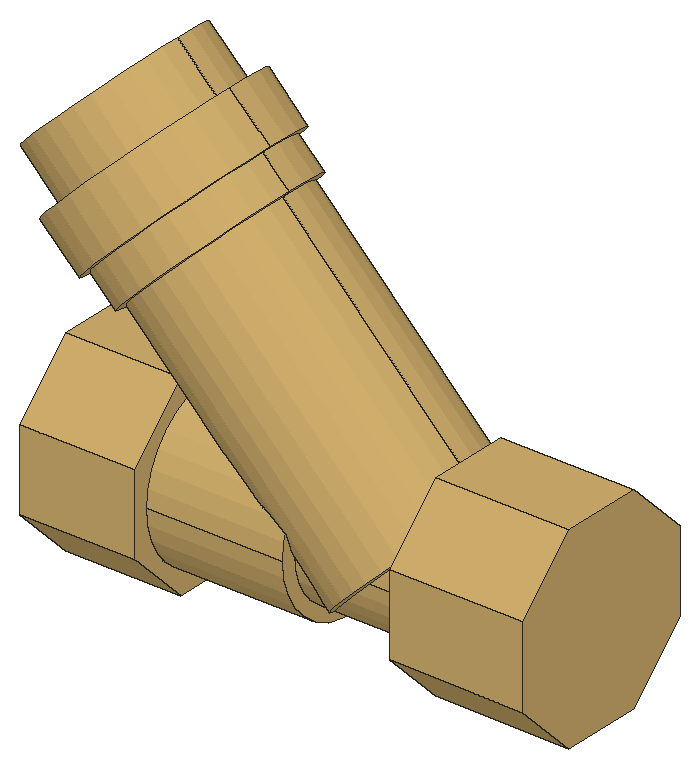
Revit family "FVR_DN10-50_RFA", category Pipe Accessories, Revit 2017
Family settings
  Round Connector Dimension = Use Diameter
  Part Type = Valve - Breaks Into
  Work Plane-Based = No
  Always vertical = Yes
  Cut with Voids When Loaded = No
  Shared = No
Parameters (values of type "FVR_DN10_Kvs 3_065B8234")
  URL = "https://store.danfoss.com/en/Climate-Solutions-for-heating/Strainers/Strainers-for-Heating-and-Cooling/c/4072?q=%3Arelevance%3Adanfoss_producttypehierarchydesc%3Ae0e4cfd4c2ccdbad729197b395b54f3467e6655c&text="
  Pressure Drop [instance] = 0.0 Pa
  OD_L1 = -(OD_L + 2 mm)  # -14.3 mm
  OD_L+2 = OD_L + 2 mm  # 14.3 mm
  OD_L = 12.3 mm
  OD = D + 11 mm  # 21 mm
  Number of meshes = "50/cm2"  # constant formula
  Nominal Pressure = "PN 25"  # constant formula
  Model Type = "FVR_DN10_Kvs 3.0"
  Model = "065B8234"
  Min Medium Temperature = "-20°C"  # constant formula
  Mesh Size = "500 μm"  # constant formula
  Max Medium Temperature = "130°C"  # constant formula
  Manufacturer = "Danfoss"  # constant formula
  L_2 = L / 2  # 27 mm
  LOD 350 = not(LOD 200)  # yes
  LOD 200 = no
  L1 = 19 mm
  L = 54 mm
  Kvs = 3.0 m³/h
  IfcExportType = "Strainer_FVR"  # constant formula
  IfcExportAs = "IfcValveType"  # constant formula
  H = 40 mm
  Flow [instance] = 0.0 m³/h
  Description = "Strainer"  # constant formula
  D4_2 = (D + 13 mm) / 2  # 11.5 mm
  D3_2 = (D + 11 mm) / 2  # 10.5 mm
  D2_2 = (D + 9 mm) / 2  # 9.5 mm
  D1_2 = (D + 9 mm) / 2  # 9.5 mm
  D1-1 = D1 + 3 mm  # 18 mm
  D1 = 15 mm
  D = D1 - 5 mm  # 10 mm
  Connection = "Internal thread Rp"  # constant formula
  Body Material = Danfoss Brass
  A_H = 47 mm
  A = 45.00°
Types (8, lengths in mm): name | OD_L1 | OD_L+2 | OD_L | OD | Model Type | Model | L_2 | L1 | L | Kvs | H | D4_2 | D3_2 | D2_2 | D1_2 | D1-1 | D1 | D | A_H
  (no name) | -14.3 | 14.3 | 12.3 | 21 | "FVR_DN10_Kvs 3.0" | "065B8234" | 27 | 19 | 54 | 3.0 m³/h | 40 | 11.5 | 10.5 | 9.5 | 9.5 | 18 | 15 | 10 | 47
  FVR_DN15_Kvs 4_065B8235 | -17 | 17 | 15 | 25.99 | "FVR_DN15_Kvs 4.0" | "065B8235" | 33.5 | 24 | 67 | 4.0 m³/h | 39 | 13.995 | 12.995 | 11.995 | 11.995 | 22.99 | 19.99 | 14.99 | 44
  FVR_DN20_Kvs 8_065B8236 | -18.3 | 18.3 | 16.3 | 31 | "FVR_DN20_Kvs 8.0" | "065B8236" | 40.5 | 27 | 81 | 8.0 m³/h | 49 | 16.5 | 15.5 | 14.5 | 14.5 | 28 | 25 | 20 | 55
  FVR_DN25_Kvs 10_065B8237 | -21.1 | 21.1 | 19.1 | 36 | "FVR_DN25_Kvs 10" | "065B8237" | 48.5 | 34 | 97 | 10.0 m³/h | 57 | 19 | 18 | 17 | 17 | 33 | 30 | 25 | 63
  FVR_DN32_Kvs 15_065B8238 | -23.4 | 23.4 | 21.4 | 43 | "FVR_DN32_Kvs 15" | "065B8238" | 52 | 31 | 104 | 15.0 m³/h | 66 | 22.5 | 21.5 | 20.5 | 20.5 | 40 | 37 | 32 | 75
  FVR_DN40_Kvs 21_065B8239 | -24 | 24 | 22 | 51 | "FVR_DN40_Kvs 21" | "065B8239" | 59 | 36 | 118 | 21.0 m³/h | 74 | 26.5 | 25.5 | 24.5 | 24.5 | 48 | 45 | 40 | 84
  FVR_DN50_Kvs 32_065B8240 | -28.3 | 28.3 | 26.3 | 61 | "FVR_DN50_Kvs 32" | "065B8240" | 72.5 | 45 | 145 | 32.0 m³/h | 94 | 31.5 | 30.5 | 29.5 | 29.5 | 58 | 55 | 50 | 109
  FVR_DN10_Kvs 3_065B8234 | -14.3 | 14.3 | 12.3 | 21 | "FVR_DN10_Kvs 3.0" | "065B8234" | 27 | 19 | 54 | 3.0 m³/h | 40 | 11.5 | 10.5 | 9.5 | 9.5 | 18 | 15 | 10 | 47
Reference planes
  plane 1 "Center (Front/Back)": y = 0
  plane 2: z = 0
  plane 3 "Center (Left/Right)": x = 0
  plane 4 "A": x = -35
  plane 5 "B": x = 19
  plane 6: z = -7.5
  plane 7: z = 7.5
  plane 8: y = -7.5
  plane 9: y = 7.5
  plane 10: x = -8
  plane 11 "30 Plane A": through (3.734, -1524, 3.734) normal (-0.7071, 0, 0.7071)
  plane 12: y = 0
  plane 13: y = -10.5
  plane 14: y = 10.5
  plane 15: z = -10.5
  plane 16: z = 10.5
  plane 17 "Angle 25": through (4.187, -1524, -4.187) normal (-0.7071, 0, -0.7071)
  plane 18: through (-2.53, -1524, -10.905) normal (-0.7071, 0, -0.7071)
  plane 19: through (-3.237, -1524, -11.612) normal (-0.7071, 0, -0.7071)
  plane 20 "Angle 45 plane": through (-83.102, -1524, -16.634) normal (-0.7071, 0, 0.7071)
  plane 21: z = 40
  plane 22: through (-78.859, -1524, -20.877) normal (-0.7071, 0, 0.7071)
  plane 23: through (-74.617, -1524, -25.119) normal (-0.7071, 0, 0.7071)
  plane 24: through (-71.788, -1524, -27.948) normal (-0.7071, 0, 0.7071)
  plane 25: through (-3.944, -1524, -12.319) normal (-0.7071, 0, -0.7071)
  plane 26: through (-2.53, -1524, -10.905) normal (-0.7071, 0, -0.7071)
Forms (mm)
  Extrusion 1, solid, material "Danfoss Brass" <- "Body Material", visible <- "LOD 350", detail levels fine
    sketch origin (0, 0, 0) x (0, 1, 0) y (0, 0, 1)
      loop
        circle (0, 0) r 7.5
    from -8 to 19
  Extrusion 2, solid, material "Danfoss Brass" <- "Body Material", visible <- "LOD 350", detail levels fine
    sketch origin (-35, 0, 0) x (0, 1, 0) y (0, 0, 1)
      loop
        line (4.349, 10.5) -> (-4.349, 10.5) -> (-10.5, 4.349) -> (-10.5, -4.349) -> (-4.349, -10.5) -> (4.349, -10.5) -> (10.5, -4.349) -> (10.5, 4.349) -> (4.349, 10.5)
    from 0 to 12.3 <- "OD_L"
  Extrusion 3, solid, material "Danfoss Brass" <- "Body Material", visible <- "LOD 350", detail levels fine
    sketch origin (19, 0, 0) x (0, 1, 0) y (0, 0, 1)
      loop
        line (-4.349, 10.5) -> (-10.5, 4.349) -> (-10.5, -4.349) -> (-4.349, -10.5) -> (4.349, -10.5) -> (10.5, -4.349) -> (10.5, 4.349) -> (4.349, 10.5) -> (-4.349, 10.5)
    from 0 to -14.3 <- "OD_L1"
  Revolve 4, solid, material "Danfoss Brass" <- "Body Material", visible <- "LOD 350", detail levels fine
    sketch origin (0, 0, 0) x (1, 0, 0) y (0, 0, 1)
      loop
        line (-6.718, -6.718) -> (0, 0) -> (-33.234, 33.234) -> (-39.952, 26.517) -> (-35.709, 22.274) -> (-37.123, 20.86) -> (-32.88, 16.617) -> (-32.173, 17.324) -> (-29.345, 14.496) -> (-28.638, 15.203) -> (-6.718, -6.718)
      axis (-33.234, 33.234) -> (0, 0)
    angle from 0 to 360
  Extrusion 5, solid, material "Danfoss Brass" <- "Body Material", visible <- "LOD 350", detail levels fine
    sketch origin (19, 0, 0) x (0, 1, 0) y (0, 0, 1)
      loop
        circle (0, 0) r 9
    from -54 to -27
  Extrusion 6, solid, material "Danfoss Brass" <- "Body Material", visible <- "LOD 200", detail levels fine
    sketch origin (0, 0, 0) x (0, 1, 0) y (0, 0, 1)
      loop
        circle (0, 0) r 10.5
    from -35 to 19
  Revolve 7, solid, material "Danfoss Brass" <- "Body Material", visible <- "LOD 200", detail levels fine
    sketch origin (0, 0, 0) x (1, 0, 0) y (0, 0, 1)
      loop
        line (0, 0) -> (-33.234, 33.234) -> (-41.366, 25.102) -> (-8.132, -8.132) -> (0, 0)
      axis (-33.234, 33.234) -> (0, 0)
    angle from 0 to 360
Cuts and joins
  joined: Extrusion 1, Extrusion 2, Extrusion 3
Lines and regions (mm)
  reference lines
    curve 1: line (0, 0, 0) -> (-74.301, 0, 74.301)
    curve 2: line (0, 0, 0) -> (57.903, 0, 57.903)
Dimensions and locks
  equal spacing: plane 7, level, plane 6
  "L": plane 5 "B" to plane 4 "A"
  "D1": plane 7 to plane 6
  equal spacing: plane 8, plane 1 "Center (Front/Back)", plane 9
  "D1": plane 8 to plane 9
  equal spacing: Extrusion 2 sketch curve, plane 12, Extrusion 2 sketch curve  (x2)
  equal spacing: Extrusion 3 sketch curve, plane 1 "Center (Front/Back)", Extrusion 3 sketch curve  (x2)
  "D2_2": plane 18 to plane 17 "Angle 25"
  "D3_2": plane 19 to plane 17 "Angle 25"
  "H": plane 21 to level
  "A_H": plane 20 "Angle 45 plane" to plane 11 "30 Plane A"
  locked: plane 20 "Angle 45 plane" to plane 22 at 6
  locked: plane 22 to plane 23 at 6
  locked: plane 23 to plane 24 at 4
  "D4_2": plane 25 to plane 17 "Angle 25"
  "D1_2": plane 26 to plane 17 "Angle 25"
  equal spacing: plane 13, plane 1 "Center (Front/Back)", plane 14
  equal spacing: plane 16, level, plane 15
  "OD": plane 16 to plane 15
  "OD": plane 13 to plane 14
  "OD": Extrusion 2 sketch curve to Extrusion 2 sketch curve  (x2)
  "OD": Extrusion 3 sketch curve to Extrusion 3 sketch curve  (x2)
  "L1": plane 5 "B" to plane 3 "Center (Left/Right)"
  "L_2": plane 5 "B" to plane 10
  "D1": diameter of Extrusion 1 sketch curve
  "D1-1": diameter of Extrusion 5 sketch curve
  "OD": diameter of Extrusion 6 sketch curve
  locked: Extrusion 2 sketch curve to Extrusion 2 sketch curve (angle 135.00°)  (x4)
  locked: Extrusion 3 sketch curve to Extrusion 3 sketch curve (angle 135.00°)  (x4)
  angle plane 11 "30 Plane A" to plane 17 "Angle 25" = 90.00°
  "A": angle plane 2 to curve 2
  locked: curve 2 to curve 1 (angle 90.00°)
  aligned and locked: level to plane 2
  aligned and locked: plane 5 "B" to Extrusion 1
  aligned and locked: connector elem to plane 12
  aligned and locked: plane 16 to Extrusion 2 sketch curve
  aligned and locked: plane 14 to Extrusion 2 sketch curve
  aligned and locked: plane 15 to Extrusion 2 sketch curve
  aligned and locked: plane 13 to Extrusion 2 sketch curve
  aligned and locked: Extrusion 3 sketch curve to cut or joined group of Extrusion 1, Extrusion 2, Extrusion 3  (x5)
  aligned and locked: Extrusion 3 sketch curve to plane 16
  aligned and locked: Revolve 4 sketch curve to plane 11 "30 Plane A"
  aligned and locked: Revolve 4 sketch curve to plane 17 "Angle 25"
  aligned and locked: plane 17 "Angle 25" to Revolve 4 sketch curve
  aligned and locked: Revolve 4 sketch curve to plane 18
  aligned and locked: Revolve 4 sketch curve to plane 22
  aligned and locked: Revolve 4 sketch curve to plane 23
  aligned and locked: Revolve 4 sketch curve to plane 25
  aligned and locked: Revolve 4 sketch curve to plane 19
  aligned and locked: Revolve 4 sketch curve to plane 24
  aligned and locked: Extrusion 5 to plane 4 "A"
  aligned and locked: Revolve 4 sketch curve to plane 20 "Angle 45 plane"
  aligned and locked: Revolve 4 sketch curve to plane 26
  aligned and locked: plane 17 "Angle 25" to curve 1
  aligned and locked: plane 11 "30 Plane A" to curve 2
  aligned and locked: plane 10 to Extrusion 5
  aligned and locked: Extrusion 1 to plane 10
  aligned and locked: Extrusion 6 to plane 4 "A"
  aligned and locked: plane 5 "B" to Extrusion 6
  aligned and locked: Revolve 7 sketch curve to plane 17 "Angle 25"
  aligned and locked: Revolve 7 sketch curve to plane 11 "30 Plane A"
  aligned and locked: Revolve 7 sketch curve to plane 25
  aligned and locked: Revolve 7 sketch curve to plane 20 "Angle 45 plane"
  aligned and locked: Revolve 7 sketch curve to Revolve 7 sketch curve  (x2)
  aligned and locked: plane 4 "A" to nested 1
  aligned and locked: nested 1 to plane 2
Automatic sketch dimensions
  Revolve 4 sketch curve to level = 0 mm
  plane 16 to Revolve 4 sketch curve = 11.737 mm
  Revolve 7 sketch curve to level = 0 mm
  Extrusion 1 sketch curve to level = 0 mm
  Extrusion 1 sketch curve to plane 1 "Center (Front/Back)" = 0 mm
  Extrusion 5 sketch curve to level = 0 mm
  Extrusion 5 sketch curve to plane 1 "Center (Front/Back)" = 0 mm
  Extrusion 6 sketch curve to level = 0 mm
  Extrusion 6 sketch curve to plane 1 "Center (Front/Back)" = 0 mm
Nested families
  nested 1: "Schematic_Strainer" at (-8, 0, 0), type "Schematic_Strainer", detail levels coarse+medium
Connectors
  piping at (19, 0, 0), diameter 10, driven by "D", driven by "Flow"
    settings: on cut or joined group of Extrusion 1, Extrusion 2, Extrusion 3, index 1, connector inside diameter 609.6 mm, connector length 0 mm, flow factor 0, pipe flow 0.0 m³/h, pressure drop 0.0 Pa, fitting loss kfactor 0, connector angle 0.00°, fixture units 0, engagement length 0 mm, angle of deflection 0.00°, flow configuration 0, flow direction 1, fitting loss method 0, system type 7, joint type 0, gender type 0, connector reference index 2, connector utility 0, adjustable connector no, is connector primary yes, connector description ""
  piping at (-35, 0, 0), diameter 10, driven by "D", driven by "Flow"
    settings: on cut or joined group of Extrusion 1, Extrusion 2, Extrusion 3, index 2, connector inside diameter 609.6 mm, connector length 0 mm, flow factor 0, pipe flow 0.0 m³/h, pressure drop 0.0 Pa, fitting loss kfactor 0, connector angle 0.00°, fixture units 0, engagement length 0 mm, angle of deflection 0.00°, flow configuration 0, flow direction 2, fitting loss method 0, system type 7, joint type 0, gender type 0, connector reference index 1, connector utility 0, adjustable connector no, is connector primary no, connector description ""
Definition of nested family "Schematic_Strainer"
  Parameters (values of type "Schematic_Strainer")
    L2 = L * 2 / 5  # 30 mm
    L1 = L2 / 7  # 4.286 mm
    L = 75 mm
    H1 = H * 2 / 7  # 10.714 mm
    H = L / 2  # 37.5 mm
    D1 = L / 3  # 25 mm
  Reference planes
    plane 1 "Center (Front/Back)": y = 0
    plane 2: z = 0
    plane 3 "Center (Left/Right)": x = 0
    plane 4: z = 12.5
    plane 5: z = -12.5
    plane 6: x = -37.5
    plane 7: x = 37.5
    plane 8: z = 37.5
    plane 9: x = -4.286
    plane 10: x = -30
    plane 11: y = 12.5
    plane 12: y = -12.5
    plane 13: y = 37.5
    plane 14: z = 26.786
  Lines and regions (mm)
    model lines
      curve 1: line (-37.5, 0, 12.5) -> (-37.5, 0, -12.5)
      curve 2: line (37.5, 0, 12.5) -> (37.5, 0, -12.5)
      curve 5: line (-37.5, 0, 0) -> (37.5, 0, 0)
      curve 7: line (0, 0, 0) -> (-17.207, 0, 24.575)
      curve 8: line (-30, 0, 15.617) -> (-4.286, 0, 33.622)
    symbolic lines
      curve 3: line (-37.5, 12.5, 0) -> (-37.5, -12.5, 0)
      curve 4: line (37.5, 12.5, 0) -> (37.5, -12.5, 0)
      curve 6: line (-37.5, 0, 0) -> (37.5, 0, 0)
      curve 9: line (0, 0, 0) -> (-17.207, 24.575, 0)
      curve 10: line (-30, 15.617, 0) -> (-4.286, 33.622, 0)
  Dimensions and locks
    equal spacing: plane 4, level, plane 5
    "D1": plane 4 to plane 5
    equal spacing: plane 7, plane 3 "Center (Left/Right)", plane 6
    "L": plane 7 to plane 6
    "H": plane 8 to plane 2
    "L2": plane 3 "Center (Left/Right)" to plane 10
    "H": plane 1 "Center (Front/Back)" to plane 13
    equal spacing: plane 12, plane 1 "Center (Front/Back)", plane 11
    "D1": plane 12 to plane 11
    "L1": plane 3 "Center (Left/Right)" to plane 9
    "L2": curve 7 to curve 7
    "L2": curve 9 to curve 9
    angle plane 2 to curve 7 = 125.00°
    angle plane 1 "Center (Front/Back)" to curve 9 = 125.00°
    aligned and locked: level to plane 2
    aligned and locked: curve 6 to curve 5
    aligned and locked: plane 10 to curve 8
    aligned and locked: plane 9 to curve 8
    aligned and locked: curve 1 to plane 6
    aligned and locked: curve 2 to plane 7
    aligned and locked: plane 4 to curve 1
    aligned and locked: plane 4 to curve 2
    aligned and locked: plane 5 to curve 1
    aligned and locked: plane 5 to curve 2
  Automatic sketch dimensions
    curve 7 to level = 0 mm
    curve 7 to plane 3 "Center (Left/Right)" = 0 mm
    curve 3 to plane 6 = 0 mm
    curve 10 to plane 10 = 0 mm
    curve 10 to plane 9 = 0 mm
    curve 9 to plane 3 "Center (Left/Right)" = 0 mm
    curve 4 to plane 7 = 0 mm
    plane 12 to curve 3 = 0 mm
    plane 12 to curve 4 = 0 mm
    plane 11 to curve 3 = 0 mm
    plane 11 to curve 4 = 0 mm
    curve 10 to plane 11 = 3.117 mm
    plane 13 to curve 10 = 3.878 mm
